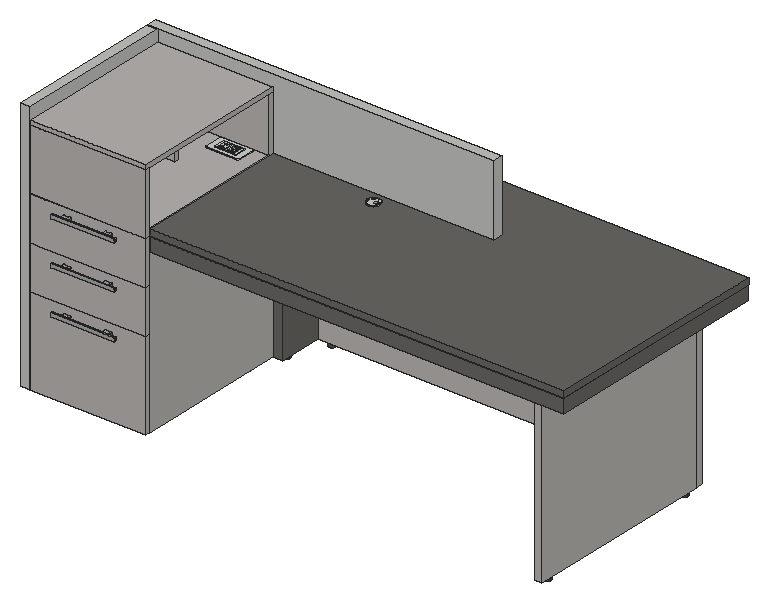
Revit family "Table-Teknion-CWRC_Reception_Classic_Desk-R2016", category Furniture, Revit 2018 (continued)
Lines and regions (in)
  symbolic lines, style "FurnitureHiddenLines", visible <- "Left", detail levels fine
    curve 152: line (-26.34118, 3.92955, 0) -> (-26.34118, 4.28305, 0)
    curve 153: line (-26.34118, 4.28305, 0) -> (-26.16976, 4.28305, 0)
    curve 154: line (-26.16976, 4.28305, 0) -> (-26.16976, 3.92955, 0)
    curve 155: line (-26.3616, 3.4864, 0) -> (-26.62534, 3.4864, 0)
    curve 156: line (-26.62534, 3.4864, 0) -> (-26.62534, 3.60468, 0)
    curve 157: arc (-26.62534, 3.60468, 0) -> (-26.49347, 3.73655, 0) -> (-26.3616, 3.60468, 0) r 0.13187
    curve 158: line (-26.3616, 3.60468, 0) -> (-26.3616, 3.4864, 0)
  symbolic lines, style "FurnitureHiddenLines", visible <- "Right", detail levels fine
    curve 10: line (22.51575, -16.81882, 0) -> (-41.22047, -16.81882, 0)
    curve 11: line (-41.70472, -17.30307, 0) -> (22.51575, -17.30307, 0)
    curve 12: line (-41.94094, -17.5393, 0) -> (22.51575, -17.5393, 0)
    curve 13: line (-41.94094, 18.34244, 0) -> (-41.94094, -17.5393, 0)
    curve 14: line (-41.70472, 18.10622, 0) -> (-41.70472, -17.30307, 0)
    curve 15: line (-41.22047, -16.81882, 0) -> (-41.22047, 17.62197, 0)
    curve 16: line (-41.22047, 17.62197, 0) -> (20.97638, 17.62197, 0)
    curve 17: line (20.97638, 18.10622, 0) -> (-41.70472, 18.10622, 0)
    curve 18: line (20.97638, 18.34244, 0) -> (-41.94094, 18.34244, 0)
    curve 31: line (39.73622, 4.40165, 0) -> (23.24016, 4.40165, 0)
    curve 32: line (23.24016, 3.67724, 0) -> (39.73622, 3.67724, 0)
    curve 33: line (39.73622, -2.14953, 0) -> (30.48622, -2.14953, 0)
    curve 34: line (30.48622, -2.67709, 0) -> (39.73622, -2.67709, 0)
    curve 35: line (30.48622, -2.14953, 0) -> (30.48622, -2.67709, 0)
    curve 36: line (30.48622, -2.67709, 0) -> (30.48622, -17.67709, 0)
    curve 91: arc (-37.98031, -15.04717, 0) -> (-37.48031, -14.54717, 0) -> (-36.98031, -15.04717, 0) r 0.5
    curve 92: arc (-36.98031, -15.04717, 0) -> (-37.48031, -15.54717, 0) -> (-37.98031, -15.04717, 0) r 0.5
    curve 93: arc (-37.98031, 11.59063, 0) -> (-37.48031, 12.09063, 0) -> (-36.98031, 11.59063, 0) r 0.5
    curve 94: arc (-36.98031, 11.59063, 0) -> (-37.48031, 11.09063, 0) -> (-37.98031, 11.59063, 0) r 0.5
    curve 95: arc (-36.72835, 13.88196, 0) -> (-36.22835, 14.38196, 0) -> (-35.72835, 13.88196, 0) r 0.5
    curve 96: arc (-35.72835, 13.88196, 0) -> (-36.22835, 13.38196, 0) -> (-36.72835, 13.88196, 0) r 0.5
    curve 97: arc (19.70472, 13.88196, 0) -> (19.20472, 13.38196, 0) -> (18.70472, 13.88196, 0) r 0.5
    curve 98: arc (18.70472, 13.88196, 0) -> (19.20472, 14.38196, 0) -> (19.70472, 13.88196, 0) r 0.5
    curve 99: arc (22.24606, 16.63, 0) -> (21.74606, 16.13, 0) -> (21.24606, 16.63, 0) r 0.5
    curve 100: arc (21.24606, 16.63, 0) -> (21.74606, 17.13, 0) -> (22.24606, 16.63, 0) r 0.5
    curve 101: arc (21.24606, 8.1733, 0) -> (21.74606, 8.6733, 0) -> (22.24606, 8.1733, 0) r 0.5
    curve 102: arc (22.24606, 8.1733, 0) -> (21.74606, 7.6733, 0) -> (21.24606, 8.1733, 0) r 0.5
    curve 103: arc (23.7874, 7.17133, 0) -> (24.2874, 7.67133, 0) -> (24.7874, 7.17133, 0) r 0.5
    curve 104: arc (24.7874, 7.17133, 0) -> (24.2874, 6.67133, 0) -> (23.7874, 7.17133, 0) r 0.5
    curve 105: arc (39.72835, 7.17133, 0) -> (40.22835, 7.67133, 0) -> (40.72835, 7.17133, 0) r 0.5
    curve 106: arc (40.72835, 7.17133, 0) -> (40.22835, 6.67133, 0) -> (39.72835, 7.17133, 0) r 0.5
    curve 107: arc (40.73031, 4.63, 0) -> (41.23031, 5.13, 0) -> (41.73031, 4.63, 0) r 0.5
    curve 108: arc (41.73031, 4.63, 0) -> (41.23031, 4.13, 0) -> (40.73031, 4.63, 0) r 0.5
    curve 109: arc (38.89173, 2.62921, 0) -> (39.39173, 3.12921, 0) -> (39.89173, 2.62921, 0) r 0.5
    curve 110: arc (39.89173, 2.62921, 0) -> (39.39173, 2.12921, 0) -> (38.89173, 2.62921, 0) r 0.5
    curve 111: arc (23.08465, 2.62921, 0) -> (23.58465, 3.12921, 0) -> (24.08465, 2.62921, 0) r 0.5
    curve 112: arc (24.08465, 2.62921, 0) -> (23.58465, 2.12921, 0) -> (23.08465, 2.62921, 0) r 0.5
    curve 113: arc (24.08465, -15.74796, 0) -> (23.58465, -16.24796, 0) -> (23.08465, -15.74796, 0) r 0.5
    curve 114: arc (23.08465, -15.74796, 0) -> (23.58465, -15.24796, 0) -> (24.08465, -15.74796, 0) r 0.5
    curve 115: arc (38.89173, -15.74796, 0) -> (39.39173, -15.24796, 0) -> (39.89173, -15.74796, 0) r 0.5
    curve 116: arc (39.89173, -15.74796, 0) -> (39.39173, -16.24796, 0) -> (38.89173, -15.74796, 0) r 0.5
    curve 117: arc (40.73031, -16.62985, 0) -> (41.23031, -16.12985, 0) -> (41.73031, -16.62985, 0) r 0.5
    curve 118: arc (41.73031, -16.62985, 0) -> (41.23031, -17.12985, 0) -> (40.73031, -16.62985, 0) r 0.5
    curve 163: line (24.9228, 2.40559, 0) -> (29.55173, 2.40559, 0)
    curve 164: arc (29.55173, 2.40559, 0) -> (29.72851, 2.47881, 0) -> (29.80173, 2.65559, 0) r 0.25
    curve 165: line (29.80173, 2.65559, 0) -> (29.80173, 5.15559, 0)
    curve 166: arc (29.80173, 5.15559, 0) -> (29.72851, 5.33236, 0) -> (29.55173, 5.40559, 0) r 0.25
    curve 167: line (29.55173, 5.40559, 0) -> (24.9228, 5.40559, 0)
    curve 168: arc (24.9228, 5.40559, 0) -> (24.74602, 5.33236, 0) -> (24.6728, 5.15559, 0) r 0.25
    curve 169: line (24.6728, 5.15559, 0) -> (24.6728, 2.65559, 0)
    curve 170: arc (24.6728, 2.65559, 0) -> (24.74602, 2.47881, 0) -> (24.9228, 2.40559, 0) r 0.25
    curve 171: line (25.6136, 3.0541, 0) -> (28.84695, 3.0541, 0)
    curve 172: line (28.84695, 3.0541, 0) -> (28.84695, 4.7747, 0)
    curve 173: line (28.84695, 4.7747, 0) -> (25.6136, 4.7747, 0)
    curve 174: line (25.6136, 4.7747, 0) -> (25.6136, 3.0541, 0)
    curve 175: line (25.95182, 3.37084, 0) -> (27.0353, 3.37084, 0)
    curve 176: line (27.0353, 3.37084, 0) -> (27.0353, 4.45297, 0)
    curve 177: line (27.0353, 4.45297, 0) -> (25.95182, 4.45297, 0)
    curve 178: line (25.95182, 4.45297, 0) -> (25.95182, 3.37084, 0)
    curve 179: line (26.68972, 4.07633, 0) -> (26.2974, 4.07633, 0)
    curve 180: line (26.2974, 4.07633, 0) -> (26.2974, 4.21912, 0)
    curve 181: line (26.2974, 4.21912, 0) -> (26.68972, 4.21912, 0)
    curve 182: line (26.68972, 4.21912, 0) -> (26.68972, 4.07633, 0)
    curve 183: line (26.2974, 3.74747, 0) -> (26.68972, 3.74747, 0)
    curve 184: line (26.68972, 3.74747, 0) -> (26.68972, 3.60468, 0)
    curve 185: line (26.68972, 3.60468, 0) -> (26.2974, 3.60468, 0)
    curve 186: line (26.2974, 3.60468, 0) -> (26.2974, 3.74747, 0)
    curve 187: line (27.43446, 4.45297, 0) -> (27.43446, 3.37084, 0)
    curve 188: line (27.43446, 3.37084, 0) -> (28.51794, 3.37084, 0)
    curve 189: line (28.51794, 3.37084, 0) -> (28.51794, 4.45297, 0)
    curve 190: line (28.51794, 4.45297, 0) -> (27.43446, 4.45297, 0)
    curve 191: line (28.13732, 3.92955, 0) -> (28.13732, 4.28305, 0)
    curve 192: line (28.13732, 4.28305, 0) -> (28.30875, 4.28305, 0)
    curve 193: line (28.30875, 4.28305, 0) -> (28.30875, 3.92955, 0)
    curve 194: line (28.30875, 3.92955, 0) -> (28.13732, 3.92955, 0)
    curve 195: line (27.80798, 4.3247, 0) -> (27.80798, 3.91177, 0)
    curve 196: line (27.80798, 3.91177, 0) -> (27.64001, 3.91177, 0)
    curve 197: line (27.64001, 3.91177, 0) -> (27.64001, 4.3247, 0)
    curve 198: line (27.64001, 4.3247, 0) -> (27.80798, 4.3247, 0)
    curve 199: arc (27.85316, 3.60468, 0) -> (27.98503, 3.73655, 0) -> (28.1169, 3.60468, 0) r 0.13187
    curve 200: line (28.1169, 3.60468, 0) -> (28.1169, 3.4864, 0)
    curve 201: line (28.1169, 3.4864, 0) -> (27.85316, 3.4864, 0)
    curve 202: line (27.85316, 3.4864, 0) -> (27.85316, 3.60468, 0)
  symbolic lines, style "FurnitureHiddenLines", visible <- "Left", detail levels medium+fine
    curve 19: line (-20.97638, 6.40165, 0) -> (-20.97638, 18.34244, 0)
    curve 21: line (-22.51575, -17.67709, 0) -> (-40.46063, -17.67709, 0)
    curve 23: line (-39.73622, -17.67709, 0) -> (-39.73622, 6.40165, 0)
    curve 24: line (-39.73622, 5.67724, 0) -> (-22.51575, 5.67724, 0)
    curve 28: line (-23.24016, 6.40165, 0) -> (-23.24016, -17.59835, 0)
    curve 40: line (-23.24016, -17.59835, 0) -> (-22.51575, -17.59835, 0)
    curve 41: line (-39.73622, -17.59835, 0) -> (-23.24016, -17.59835, 0)
    curve 42: line (-40.46063, -17.59835, 0) -> (-39.73622, -17.59835, 0)
    curve 47: line (-20.97638, 13.36228, 0) -> (38, 13.36228, 0)
    curve 48: line (38, 14.40165, 0) -> (-20.97638, 14.40165, 0)
    curve 49: line (38, 13.36228, 0) -> (38, 14.40165, 0)
    curve 50: line (38, -16.81882, 0) -> (38, 13.36228, 0)
    curve 51: line (36.96063, 13.36228, 0) -> (36.96063, -16.81882, 0)
    curve 59: line (41.22047, 0.91725, 0) -> (-22.51575, 0.91725, 0)
    curve 60: line (41.22047, -0.11425, 0) -> (-22.51575, -0.11425, 0)
    curve 61: line (-22.51575, 7.94102, 0) -> (-22.51575, 6.40165, 0)
    curve 211: arc (-5.258, 5.30292, 0) -> (-4.43104, 4.47596, 0) -> (-5.258, 3.64901, 0) r 0.82696
    curve 212: arc (-5.258, 3.64901, 0) -> (-6.08496, 4.47596, 0) -> (-5.258, 5.30292, 0) r 0.82696
    curve 213: arc (-5.258, 3.56469, 0) -> (-4.34673, 4.47596, 0) -> (-5.258, 5.38724, 0) r 0.91127
    curve 214: arc (-5.258, 5.38724, 0) -> (-6.16927, 4.47596, 0) -> (-5.258, 3.56469, 0) r 0.91127
    curve 222: line (36.96063, -16.81882, 0) -> (38, -16.81882, 0)
    curve 223: line (41.22047, -0.11425, 0) -> (41.22047, 0.91725, 0)
  symbolic lines, style "FurnitureHiddenLines", visible <- "Right", detail levels medium+fine
    curve 20: line (20.97638, 18.34244, 0) -> (20.97638, 6.40165, 0)
    curve 22: line (40.46063, -17.67709, 0) -> (22.51575, -17.67709, 0)
    curve 25: line (39.73622, 6.40165, 0) -> (39.73622, -17.67709, 0)
    curve 26: line (22.51575, 5.67724, 0) -> (39.73622, 5.67724, 0)
    curve 27: line (23.24016, -17.59835, 0) -> (23.24016, 6.40165, 0)
    curve 37: line (22.51575, -17.59835, 0) -> (23.24016, -17.59835, 0)
    curve 38: line (23.24016, -17.59835, 0) -> (39.73622, -17.59835, 0)
    curve 39: line (39.73622, -17.59835, 0) -> (40.46063, -17.59835, 0)
    curve 52: line (20.97638, 14.40165, 0) -> (-38, 14.40165, 0)
    curve 53: line (-38, 13.36228, 0) -> (20.97638, 13.36228, 0)
    curve 54: line (-38, 14.40165, 0) -> (-38, 13.36228, 0)
    curve 55: line (-36.96063, -16.81882, 0) -> (-36.96063, 13.36228, 0)
    curve 56: line (-38, 13.36228, 0) -> (-38, -16.81882, 0)
    curve 57: line (22.51575, 0.91725, 0) -> (-41.22047, 0.91725, 0)
    curve 58: line (22.51575, -0.11425, 0) -> (-41.22047, -0.11425, 0)
    curve 62: line (22.51575, 7.94102, 0) -> (22.51575, 6.40165, 0)
    curve 215: arc (5.258, 3.64901, 0) -> (4.43104, 4.47596, 0) -> (5.258, 5.30292, 0) r 0.82696
    curve 216: arc (5.258, 5.30292, 0) -> (6.08496, 4.47596, 0) -> (5.258, 3.64901, 0) r 0.82696
    curve 217: arc (5.258, 5.38724, 0) -> (4.34673, 4.47596, 0) -> (5.258, 3.56469, 0) r 0.91127
    curve 218: arc (5.258, 3.56469, 0) -> (6.16927, 4.47596, 0) -> (5.258, 5.38724, 0) r 0.91127
    curve 221: line (-41.22047, 0.91725, 0) -> (-41.22047, -0.11425, 0)
    curve 224: line (-38, -16.81882, 0) -> (-36.96063, -16.81882, 0)
  symbolic lines, style "Furniture", visible <- "Left"
    curve 159: arc (-4.24619, 4.49417, 0) -> (-5.258, 3.48236, 0) -> (-6.26981, 4.49417, 0) r 1.01181
    curve 160: arc (-6.26981, 4.49417, 0) -> (-5.258, 5.50598, 0) -> (-4.24619, 4.49417, 0) r 1.01181
  symbolic lines, style "Furniture", visible <- "Right"
    curve 161: arc (5.258, 3.48236, 0) -> (4.24619, 4.49417, 0) -> (5.258, 5.50598, 0) r 1.01181
    curve 162: arc (5.258, 5.50598, 0) -> (6.26981, 4.49417, 0) -> (5.258, 3.48236, 0) r 1.01181
  symbolic lines, visible <- "Left"
    curve 203: arc (-4.29291, 4.73039, 0) -> (-6.25158, 4.49417, 0) -> (-4.29291, 4.25795, 0) r 0.99358
    curve 204: line (-4.29291, 4.25795, 0) -> (-4.86318, 4.25795, 0)
    curve 205: arc (-4.86318, 4.25795, 0) -> (-5.0994, 4.49417, 0) -> (-4.86318, 4.73039, 0) r 0.23622
    curve 206: line (-4.86318, 4.73039, 0) -> (-4.27415, 4.73039, 0)
  symbolic lines, visible <- "Right"
    curve 207: arc (6.22309, 4.73039, 0) -> (4.26442, 4.49417, 0) -> (6.22309, 4.25795, 0) r 0.99358
    curve 208: line (6.22309, 4.25795, 0) -> (5.65282, 4.25795, 0)
    curve 209: arc (5.65282, 4.25795, 0) -> (5.4166, 4.49417, 0) -> (5.65282, 4.73039, 0) r 0.23622
    curve 210: line (5.65282, 4.73039, 0) -> (6.22309, 4.73039, 0)
  reference lines
    curve 219: line (42, 18.4015, 0) -> (42, -18.4015, 0)
    curve 220: line (-42, 18.4015, 0) -> (-42, -18.4015, 0)
Dimensions and locks (in)
  "Width": plane 4 "Left" to plane 5 "Right"
  "Depth": plane 6 "Back" to plane 7 "Front"
  plane 8 "Top" to level = 40"
  equal spacing: plane 4 "Left", plane 3 "Center Left/Right", plane 5 "Right"
  equal spacing: plane 6 "Back", plane 1 "Center Front/Back", plane 7 "Front"
  "Overhang Offset": plane 4 "Left" to plane 9
  "Overhang Offset": plane 10 to plane 5 "Right"
  "Screen Edge offset": plane 4 "Left" to plane 11
  "Screen Edge offset": plane 12 to plane 5 "Right"
  plane 14 to plane 15 to plane 13 to level = 1.03543", 27.465", 0.5" locked
  locked: plane 4 "Left" to Sweep 1 sketch curve at 1.53937
  locked: plane 7 "Front" to Sweep 1 sketch curve at 24.80315
  locked: Sweep 2 sketch curve to plane 5 "Right" at 1.53937
  locked: plane 7 "Front" to Sweep 2 sketch curve at 24.80315
  locked: plane 4 "Left" to Sweep 3 sketch curve at 19.48425
  plane 6 "Back" to Sweep 3 sketch curve to Sweep 3 sketch curve = 10.46048" locked, 1.53937" locked
  locked: Sweep 4 sketch curve to plane 5 "Right" at 19.48425
  plane 6 "Back" to Sweep 4 sketch curve to Sweep 4 sketch curve = 10.46048" locked, 1.53937" locked
  plane 4 "Left" to Sweep 5 sketch curve to Sweep 5 sketch curve = 19.48425" locked, 1.53937" locked
  locked: plane 6 "Back" to Sweep 5 sketch curve at 11.99985
  Sweep 6 sketch curve to Sweep 6 sketch curve to plane 5 "Right" = 1.53937" locked, 19.48425" locked
  locked: plane 6 "Back" to Sweep 6 sketch curve at 11.99985
  locked: plane 4 "Left" to Sweep 7 sketch curve at 19.48425
  plane 6 "Back" to Sweep 7 sketch curve to Sweep 7 sketch curve = 10.46048" locked, 1.53937" locked
  plane 6 "Back" to Sweep 8 sketch curve to Sweep 8 sketch curve = 10.46048" locked, 1.53937" locked
  locked: Sweep 8 sketch curve to plane 5 "Right" at 19.48425
  locked: plane 4 "Left" to Sweep 9 sketch curve at 19.48425
  locked: plane 7 "Front" to Sweep 9 sketch curve at 0.80315
  locked: plane 7 "Front" to Sweep 10 sketch curve at 0.80315
  locked: Sweep 10 sketch curve to plane 5 "Right" at 19.48425
  locked: plane 7 "Front" to Sweep 11 sketch curve at 0.80315
  locked: plane 4 "Left" to Sweep 11 sketch curve at 19.48425
  locked: plane 4 "Left" to Sweep 11 sketch curve at 21.02362
  Sweep 11 sketch curve to Sweep 11 sketch curve to Sweep 11 sketch curve to plane 7 "Front" = 0.48425" locked, 0.23622" locked, 0.8622" locked
  plane 15 to Sweep 11 sketch curve to Sweep 11 sketch curve = 0.11854" locked, 2.13189" locked
  locked: Sweep 12 sketch curve to plane 5 "Right" at 19.48425
  locked: Sweep 12 sketch curve to plane 5 "Right" at 21.02362
  locked: plane 7 "Front" to Sweep 12 sketch curve at 0.80315
  Sweep 12 sketch curve to Sweep 12 sketch curve to Sweep 12 sketch curve to plane 7 "Front" = 0.48425" locked, 0.23622" locked, 0.8622" locked
  plane 15 to Sweep 12 sketch curve to Sweep 12 sketch curve = 0.11854" locked, 2.13189" locked
  locked: plane 4 "Left" to Sweep 13 sketch curve at 21.02362
  plane 6 "Back" to Sweep 13 sketch curve to Sweep 13 sketch curve = 3.99985" locked, 1.03937" locked
  plane 6 "Back" to Sweep 14 sketch curve to Sweep 14 sketch curve = 3.99985" locked, 1.03937" locked
  locked: Sweep 14 sketch curve to plane 5 "Right" at 21.02362
  locked: Sweep 15 sketch curve to plane 10 at 1.03937
  locked: plane 6 "Back" to Sweep 15 sketch curve at 5.03922
  locked: plane 7 "Front" to Sweep 15 sketch curve at 1.58268
  locked: plane 9 to Sweep 16 sketch curve at 1.03937
  locked: plane 6 "Back" to Sweep 16 sketch curve at 5.03922
  locked: plane 7 "Front" to Sweep 16 sketch curve at 1.58268
  plane 4 "Left" to Sweep 17 sketch curve to Sweep 17 sketch curve to Sweep 17 sketch curve to Sweep 17 sketch curve = 1.53937" locked, 0.72441" locked, 16.49606" locked, 0.72441" locked
  locked: plane 6 "Back" to Sweep 17 sketch curve at 11.99985  (x2)
  locked: plane 7 "Front" to Sweep 17 sketch curve at 0.80315  (x2)
  Sweep 18 sketch curve to Sweep 18 sketch curve to Sweep 18 sketch curve to Sweep 18 sketch curve to plane 5 "Right" = 0.72441" locked, 16.49606" locked, 0.72441" locked, 1.53937" locked
  locked: plane 7 "Front" to Sweep 18 sketch curve at 0.80315  (x2)
  locked: plane 6 "Back" to Sweep 18 sketch curve at 11.99985  (x2)
  Sweep 19 sketch curve to plane 13 = 37.02559"
  locked: Sweep 20 sketch curve to plane 15 at 9.56059
  Sweep 20 sketch curve to Sweep 20 sketch curve to plane 5 "Right" = 0.72441" locked, 1.53937" locked
  locked: plane 6 "Back" to Sweep 20 sketch curve at 11.99985
  locked: plane 7 "Front" to Sweep 20 sketch curve at 0.72441
  locked: plane 6 "Back" to Sweep 21 sketch curve at 12.72426
  locked: plane 7 "Front" to Sweep 21 sketch curve at 0.72441
  plane 4 "Left" to Sweep 21 sketch curve to Sweep 21 sketch curve = 2.26378" locked, 17.22047" locked
  Sweep 22 sketch curve to Sweep 22 sketch curve to plane 5 "Right" = 17.22047" locked, 2.26378" locked
  locked: plane 6 "Back" to Sweep 22 sketch curve at 12.72426
  locked: plane 7 "Front" to Sweep 22 sketch curve at 0.72441
  locked: Sweep 23 sketch curve to level at 37.52559
  plane 6 "Back" to Sweep 23 sketch curve to Sweep 23 sketch curve = 11.99985" locked, 0.72441" locked
  plane 4 "Left" to Sweep 23 sketch curve to Sweep 23 sketch curve = 2.26378" locked, 17.22047" locked
  locked: Sweep 24 sketch curve to level at 37.52559
  Sweep 24 sketch curve to Sweep 24 sketch curve to plane 5 "Right" = 17.22047" locked, 2.26378" locked
  plane 6 "Back" to Sweep 24 sketch curve to Sweep 24 sketch curve = 11.99985" locked, 0.72441" locked
  Sweep 25 sketch curve to Sweep 25 sketch curve to level = 0.72441" locked, 37.52559" locked
  locked: plane 6 "Back" to Sweep 25 sketch curve at 11.99985
  plane 4 "Left" to Sweep 25 sketch curve to Sweep 25 sketch curve = 1.53937" locked, 17.94488" locked
  Sweep 26 sketch curve to Sweep 26 sketch curve to level = 0.72441" locked, 37.52559" locked
  locked: plane 6 "Back" to Sweep 26 sketch curve at 11.99985
  locked: Sweep 26 sketch curve to plane 5 "Right" at 1.53937
  locked: Sweep 26 sketch curve to plane 5 "Right" at 19.48425
  Sweep 27 sketch curve to Sweep 27 sketch curve to level = 8.52516" locked, 29.00043" locked
  plane 7 "Front" to Sweep 27 sketch curve to Sweep 27 sketch curve = 15.72441" locked, 0.52756" locked
  plane 4 "Left" to Sweep 27 sketch curve to Sweep 27 sketch curve = 2.26378" locked, 9.25" locked
  Sweep 28 sketch curve to Sweep 28 sketch curve to level = 8.52516" locked, 29.00043" locked
  Sweep 28 sketch curve to Sweep 28 sketch curve to plane 5 "Right" = 9.25" locked, 2.26378" locked
  plane 7 "Front" to Sweep 28 sketch curve to Sweep 28 sketch curve = 15.72441" locked, 0.52756" locked
  Sweep 29 sketch curve to Sweep 29 sketch curve to level = 0.52756" locked, 32.99923" locked
  plane 7 "Front" to Sweep 29 sketch curve to Sweep 29 sketch curve = 0.72441" locked, 15" locked
  plane 4 "Left" to Sweep 29 sketch curve to Sweep 29 sketch curve = 2.26378" locked, 9.25" locked
  Sweep 30 sketch curve to Sweep 30 sketch curve to level = 0.52756" locked, 32.99923" locked
  plane 7 "Front" to Sweep 30 sketch curve to Sweep 30 sketch curve = 0.72441" locked, 15" locked
  Sweep 30 sketch curve to Sweep 30 sketch curve to plane 5 "Right" = 9.25" locked, 2.26378" locked
  locked: plane 7 "Front" to Sweep 31 sketch curve at 0.72441
  Sweep 31 sketch curve to Sweep 31 sketch curve to Sweep 31 sketch curve to Sweep 31 sketch curve to Sweep 31 sketch curve to plane 13 = 6.78194" locked, 0.08987" locked, 6.78194" locked, 0.07874" locked, 13.65376" locked
  locked: Sweep 31 sketch curve to plane 15 at 9.56059
  Sweep 31 sketch curve to Sweep 31 sketch curve to Sweep 31 sketch curve to Sweep 31 sketch curve to Sweep 31 sketch curve to Sweep 31 sketch curve to Sweep 31 sketch curve to Sweep 31 sketch curve to plane 4 "Left" = 0" locked, 0" locked, 0" locked, 17.94488" locked, 0" locked, 0" locked, 0" locked, 1.53937" locked
  locked: plane 7 "Front" to Sweep 32 sketch curve at 0.72441
  Sweep 32 sketch curve to Sweep 32 sketch curve to Sweep 32 sketch curve to Sweep 32 sketch curve to Sweep 32 sketch curve to plane 13 = 6.78194" locked, 0.08987" locked, 6.78194" locked, 0.07874" locked, 13.65376" locked
  locked: Sweep 32 sketch curve to plane 15 at 9.56059
  Sweep 32 sketch curve to Sweep 32 sketch curve to Sweep 32 sketch curve to Sweep 32 sketch curve to Sweep 32 sketch curve to Sweep 32 sketch curve to Sweep 32 sketch curve to Sweep 32 sketch curve to plane 5 "Right" = 0" locked, 0" locked, 0" locked, 17.94488" locked, 0" locked, 0" locked, 0" locked, 1.53937" locked
  locked: plane 7 "Front" to Sweep 33 sketch curve at 0.72441
  Sweep 33 sketch curve to Sweep 33 sketch curve to Sweep 33 sketch curve to plane 13 = 13.65376" locked, 0.07874" locked, 13.65376" locked
  locked: Sweep 33 sketch curve to plane 15 at 9.56059
  Sweep 33 sketch curve to Sweep 33 sketch curve to Sweep 33 sketch curve to plane 4 "Left" = 0" locked, 0" locked, 1.53937" locked
  Sweep 33 sketch curve to Sweep 33 sketch curve to Sweep 33 sketch curve to plane 4 "Left" = 0" locked, 0" locked, 19.48425" locked
  locked: plane 7 "Front" to Sweep 34 sketch curve at 0.72441
  Sweep 34 sketch curve to Sweep 34 sketch curve to Sweep 34 sketch curve to plane 13 = 13.65376" locked, 0.07874" locked, 13.65376" locked
  locked: Sweep 34 sketch curve to plane 15 at 9.56059
  Sweep 34 sketch curve to Sweep 34 sketch curve to Sweep 34 sketch curve to Sweep 34 sketch curve to Sweep 34 sketch curve to Sweep 34 sketch curve to plane 5 "Right" = 0" locked, 0" locked, 17.94488" locked, 0" locked, 0" locked, 1.53937" locked
  plane 4 "Left" to Sweep 35 sketch curve to Sweep 35 sketch curve = 2.26378" locked, 16.49606" locked
  Sweep 35 sketch curve to Sweep 35 sketch curve to plane 7 "Front" = 0" locked, 0.80315" locked
  plane 6 "Back" to Sweep 35 sketch curve to Sweep 35 sketch curve = 13.99985" locked, 0.72441" locked
  Sweep 35 sketch curve to Sweep 35 sketch curve to plane 13 = 26.01618" locked, 0.72441" locked
  Sweep 36 sketch curve to Sweep 36 sketch curve to plane 5 "Right" = 16.49606" locked, 2.26378" locked
  Sweep 36 sketch curve to Sweep 36 sketch curve to plane 7 "Front" = 0" locked, 0.80315" locked
  plane 6 "Back" to Sweep 36 sketch curve to Sweep 36 sketch curve = 13.99985" locked, 0.72441" locked
  Sweep 36 sketch curve to Sweep 36 sketch curve to plane 13 = 26.01618" locked, 0.72441" locked
  locked: Sweep 37 sketch curve to plane 13 at 26.74059
  plane 4 "Left" to Sweep 37 sketch curve to Sweep 37 sketch curve = 2.26378" locked, 16.49606" locked
  plane 6 "Back" to Sweep 37 sketch curve to Sweep 37 sketch curve = 13.99985" locked, 0.72441" locked
  locked: Sweep 38 sketch curve to plane 13 at 26.74059
  Sweep 38 sketch curve to Sweep 38 sketch curve to plane 5 "Right" = 16.49606" locked, 2.26378" locked
  plane 6 "Back" to Sweep 38 sketch curve to Sweep 38 sketch curve = 13.99985" locked, 0.72441" locked
  plane 4 "Left" to Sweep 39 sketch curve to Sweep 39 sketch curve to Sweep 39 sketch curve to Sweep 39 sketch curve to Sweep 39 sketch curve to Sweep 39 sketch curve to Sweep 39 sketch curve to Sweep 39 sketch curve to Sweep 39 sketch curve to Sweep 39 sketch curve to Sweep 39 sketch curve = 0.76969" locked, 0" locked, 1.00197" locked, 0.83661" locked, 0" locked, 15.10433" locked, 0.70276" locked, 0" locked, 1.83858" locked, 0" locked, 2.54134" locked
  plane 6 "Back" to Sweep 39 sketch curve to Sweep 39 sketch curve to Sweep 39 sketch curve to Sweep 39 sketch curve to Sweep 39 sketch curve to Sweep 39 sketch curve to Sweep 39 sketch curve to Sweep 39 sketch curve to Sweep 39 sketch curve to Sweep 39 sketch curve = 1.7715" locked, 2.74803" locked, 0" locked, 2.29134" locked, 3.41732" locked, 1.00197" locked, 0" locked, 2.54134" locked, 2.00079" locked, 0" locked
  plane 7 "Front" to Sweep 39 sketch curve to Sweep 39 sketch curve to Sweep 39 sketch curve to Sweep 39 sketch curve = 1.77165" locked, 0.88189" locked, 0" locked, 0.70079" locked
  Sweep 39 sketch curve to Sweep 39 sketch curve to Sweep 39 sketch curve to plane 10 = 1.25197" locked, 0" locked, 0.51969" locked
  locked: Sweep 40 sketch curve to level at 0.5
  plane 5 "Right" to Sweep 40 sketch curve to Sweep 40 sketch curve to Sweep 40 sketch curve to Sweep 40 sketch curve to Sweep 40 sketch curve to Sweep 40 sketch curve to Sweep 40 sketch curve to Sweep 40 sketch curve to Sweep 40 sketch curve to Sweep 40 sketch curve to Sweep 40 sketch curve = 0.76969" locked, 0" locked, 1.00197" locked, 0.83661" locked, 0" locked, 15.10433" locked, 0.70276" locked, 0" locked, 1.83858" locked, 0" locked, 2.54134" locked
  plane 6 "Back" to Sweep 40 sketch curve to Sweep 40 sketch curve to Sweep 40 sketch curve to Sweep 40 sketch curve to Sweep 40 sketch curve to Sweep 40 sketch curve to Sweep 40 sketch curve to Sweep 40 sketch curve to Sweep 40 sketch curve to Sweep 40 sketch curve = 1.7715" locked, 2.74803" locked, 0" locked, 2.29134" locked, 3.41732" locked, 1.00197" locked, 0" locked, 2.54134" locked, 2.00079" locked, 0" locked
  plane 7 "Front" to Sweep 40 sketch curve to Sweep 40 sketch curve to Sweep 40 sketch curve to Sweep 40 sketch curve = 1.77165" locked, 0.88189" locked, 0" locked, 0.70079" locked
  Sweep 40 sketch curve to Sweep 40 sketch curve to Sweep 40 sketch curve to plane 9 = 1.25197" locked, 0" locked, 0.51969" locked
  Sweep 41 sketch curve to plane 1 "Center Front/Back" to Sweep 41 sketch curve = 0.11425" locked, 0.91725" locked
  Sweep 41 sketch curve to Sweep 41 sketch curve to level = 0" locked, 25.71457" locked
  Sweep 41 sketch curve to Sweep 41 sketch curve to plane 10 = 1.03937" locked, 0" locked
  locked: Sweep 41 sketch curve to plane 5 "Right" at 0.77953
  locked: Sweep 41 sketch curve to plane 4 "Left" at 19.48425
  Sweep 42 sketch curve to plane 1 "Center Front/Back" to Sweep 42 sketch curve = 0.91725" locked, 0.11425" locked
  locked: Sweep 42 sketch curve to plane 5 "Right" at 19.48425
  locked: Sweep 42 sketch curve to plane 4 "Left" at 0.77953
  Sweep 42 sketch curve to plane 9 to Sweep 42 sketch curve = 1.03937" locked, 0" locked
  Sweep 42 sketch curve to Sweep 42 sketch curve to level = 0" locked, 25.71457" locked
  locked: Sweep 43 sketch curve to plane 7 "Front" at 0.71441
  Sweep 43 sketch curve to Sweep 43 sketch curve to Sweep 43 sketch curve to Sweep 43 sketch curve to Sweep 43 sketch curve to Sweep 43 sketch curve to Sweep 43 sketch curve to Sweep 43 sketch curve to Sweep 43 sketch curve to Sweep 43 sketch curve to Sweep 43 sketch curve to Sweep 43 sketch curve to Sweep 43 sketch curve to Sweep 43 sketch curve to Sweep 43 sketch curve to Sweep 43 sketch curve to Sweep 43 sketch curve to Sweep 43 sketch curve to Sweep 43 sketch curve to Sweep 43 sketch curve to Sweep 43 sketch curve to Sweep 43 sketch curve to Sweep 43 sketch curve to Sweep 43 sketch curve to level = 0" locked, 0.14284" locked, 0" locked, 0" locked, 0" locked, 0.12319" locked, 0" locked, 0" locked, 0" locked, 0.14284" locked, 0" locked, 13.32364" locked, 0" locked, 0.14284" locked, 0" locked, 0" locked, 0" locked, 0.12319" locked, 0" locked, 0" locked, 0" locked, 0.14284" locked, 0" locked, 12.65012" locked
  Sweep 43 sketch curve to Sweep 43 sketch curve to Sweep 43 sketch curve to Sweep 43 sketch curve to Sweep 43 sketch curve to Sweep 43 sketch curve to Sweep 43 sketch curve to Sweep 43 sketch curve to Sweep 43 sketch curve to Sweep 43 sketch curve to Sweep 43 sketch curve to Sweep 43 sketch curve to Sweep 43 sketch curve to Sweep 43 sketch curve to Sweep 43 sketch curve to Sweep 43 sketch curve to Sweep 43 sketch curve to Sweep 43 sketch curve to Sweep 43 sketch curve to Sweep 43 sketch curve to Sweep 43 sketch curve to Sweep 43 sketch curve to Sweep 43 sketch curve to Sweep 43 sketch curve to plane 4 "Left" = 0" locked, 0.14284" locked, 0" locked, 0" locked, 0" locked, 0.7874" locked, 0" locked, 0" locked, 0" locked, 0.14284" locked, 0" locked, 5.38362" locked, 0" locked, 0.14284" locked, 0" locked, 0" locked, 0" locked, 0.7874" locked, 0" locked, 0" locked, 0" locked, 0.14284" locked, 0" locked, 6.74693" locked
  locked: Sweep 44 sketch curve to plane 7 "Front" at 0.71441
  Sweep 44 sketch curve to Sweep 44 sketch curve to Sweep 44 sketch curve to Sweep 44 sketch curve to Sweep 44 sketch curve to Sweep 44 sketch curve to Sweep 44 sketch curve to Sweep 44 sketch curve to Sweep 44 sketch curve to Sweep 44 sketch curve to Sweep 44 sketch curve to Sweep 44 sketch curve to Sweep 44 sketch curve to Sweep 44 sketch curve to Sweep 44 sketch curve to Sweep 44 sketch curve to Sweep 44 sketch curve to Sweep 44 sketch curve to Sweep 44 sketch curve to Sweep 44 sketch curve to Sweep 44 sketch curve to Sweep 44 sketch curve to Sweep 44 sketch curve to Sweep 44 sketch curve to level = 0" locked, 0.14284" locked, 0" locked, 0" locked, 0" locked, 0.12319" locked, 0" locked, 0" locked, 0" locked, 0.14284" locked, 0" locked, 13.32364" locked, 0" locked, 0.14284" locked, 0" locked, 0" locked, 0" locked, 0.12319" locked, 0" locked, 0" locked, 0" locked, 0.14284" locked, 0" locked, 12.65012" locked
  Sweep 44 sketch curve to Sweep 44 sketch curve to Sweep 44 sketch curve to Sweep 44 sketch curve to Sweep 44 sketch curve to Sweep 44 sketch curve to Sweep 44 sketch curve to Sweep 44 sketch curve to Sweep 44 sketch curve to Sweep 44 sketch curve to Sweep 44 sketch curve to Sweep 44 sketch curve to Sweep 44 sketch curve to Sweep 44 sketch curve to Sweep 44 sketch curve to Sweep 44 sketch curve to Sweep 44 sketch curve to Sweep 44 sketch curve to Sweep 44 sketch curve to Sweep 44 sketch curve to Sweep 44 sketch curve to Sweep 44 sketch curve to Sweep 44 sketch curve to Sweep 44 sketch curve to plane 5 "Right" = 0" locked, 0.14284" locked, 0" locked, 0" locked, 0" locked, 0.7874" locked, 0" locked, 0" locked, 0" locked, 0.14284" locked, 0" locked, 5.38362" locked, 0" locked, 0.14284" locked, 0" locked, 0" locked, 0" locked, 0.7874" locked, 0" locked, 0" locked, 0" locked, 0.14284" locked, 0" locked, 6.74693" locked
  locked: Sweep 45 sketch curve to plane 7 "Front" at 0.71441
  Sweep 45 sketch curve to Sweep 45 sketch curve to Sweep 45 sketch curve to Sweep 45 sketch curve to Sweep 45 sketch curve to Sweep 45 sketch curve to Sweep 45 sketch curve to Sweep 45 sketch curve to Sweep 45 sketch curve to Sweep 45 sketch curve to Sweep 45 sketch curve to Sweep 45 sketch curve to level = 0" locked, 0.14284" locked, 0" locked, 0" locked, 0" locked, 0.12319" locked, 0" locked, 0" locked, 0" locked, 0.14284" locked, 0" locked, 19.5108"
  Sweep 45 sketch curve to Sweep 45 sketch curve to Sweep 45 sketch curve to Sweep 45 sketch curve to Sweep 45 sketch curve to Sweep 45 sketch curve to Sweep 45 sketch curve to Sweep 45 sketch curve to Sweep 45 sketch curve to Sweep 45 sketch curve to Sweep 45 sketch curve to Sweep 45 sketch curve to plane 4 "Left" = 0.14284" locked, 0" locked, 0.7874" locked, 0" locked, 0.14284" locked, 5.38362" locked, 0.14284" locked, 0" locked, 0.7874" locked, 0" locked, 0.14284" locked, 6.74693" locked
  locked: Sweep 46 sketch curve to plane 7 "Front" at 0.71441
  Sweep 46 sketch curve to Sweep 46 sketch curve to Sweep 46 sketch curve to Sweep 46 sketch curve to Sweep 46 sketch curve to Sweep 46 sketch curve to Sweep 46 sketch curve to Sweep 46 sketch curve to Sweep 46 sketch curve to Sweep 46 sketch curve to Sweep 46 sketch curve to Sweep 46 sketch curve to level = 0" locked, 0.14284" locked, 0" locked, 0" locked, 0" locked, 0.12319" locked, 0" locked, 0" locked, 0" locked, 0.14284" locked, 0" locked, 19.5108" locked
  Sweep 46 sketch curve to Sweep 46 sketch curve to Sweep 46 sketch curve to Sweep 46 sketch curve to Sweep 46 sketch curve to Sweep 46 sketch curve to Sweep 46 sketch curve to Sweep 46 sketch curve to Sweep 46 sketch curve to Sweep 46 sketch curve to Sweep 46 sketch curve to Sweep 46 sketch curve to plane 5 "Right" = 0.14284" locked, 0" locked, 0.7874" locked, 0" locked, 0.14284" locked, 5.38362" locked, 0.14284" locked, 0" locked, 0.7874" locked, 0" locked, 0.14284" locked, 6.74693" locked
  Sweep 47 sketch curve to Sweep 47 sketch curve to plane 7 "Front" = 0.28952" locked, 0.71441" locked
  Sweep 47 sketch curve to Sweep 47 sketch curve to Sweep 47 sketch curve to Sweep 47 sketch curve to Sweep 47 sketch curve to Sweep 47 sketch curve to Sweep 47 sketch curve to Sweep 47 sketch curve to Sweep 47 sketch curve to Sweep 47 sketch curve to Sweep 47 sketch curve to Sweep 47 sketch curve to level = 0.1378" locked, 0" locked, 0.27559" locked, 0" locked, 0.1378" locked, 13.18132" locked, 0.1378" locked, 0" locked, 0.27559" locked, 0" locked, 0.1378" locked, 12.57896" locked
  Sweep 47 sketch curve to Sweep 47 sketch curve to Sweep 47 sketch curve to Sweep 47 sketch curve to Sweep 47 sketch curve to Sweep 47 sketch curve to Sweep 47 sketch curve to Sweep 47 sketch curve to Sweep 47 sketch curve to Sweep 47 sketch curve to Sweep 47 sketch curve to Sweep 47 sketch curve to Sweep 47 sketch curve to Sweep 47 sketch curve to plane 4 "Left" = 0" locked, 0" locked, 0.1378" locked, 0", 0", 0" locked, 0" locked, 9.72441" locked, 0" locked, 0" locked, 0" locked, 0.1378" locked, 0" locked, 5.51181" locked
  Sweep 48 sketch curve to Sweep 48 sketch curve to plane 7 "Front" = 0.28952" locked, 0.71441" locked
  Sweep 48 sketch curve to Sweep 48 sketch curve to Sweep 48 sketch curve to Sweep 48 sketch curve to Sweep 48 sketch curve to Sweep 48 sketch curve to level = 0.1378" locked, 0" locked, 0.27559" locked, 0" locked, 0.1378" locked, 19.43964" locked
  Sweep 48 sketch curve to Sweep 48 sketch curve to Sweep 48 sketch curve to Sweep 48 sketch curve to Sweep 48 sketch curve to Sweep 48 sketch curve to plane 4 "Left" = 0.1378" locked, 0" locked, 9.72441" locked, 0" locked, 0.1378" locked, 5.51181" locked
  Sweep 49 sketch curve to Sweep 49 sketch curve to plane 7 "Front" = 0.28952" locked, 0.71441" locked
  Sweep 49 sketch curve to Sweep 49 sketch curve to Sweep 49 sketch curve to Sweep 49 sketch curve to Sweep 49 sketch curve to Sweep 49 sketch curve to level = 0.1378" locked, 0" locked, 0.27559" locked, 0" locked, 0.1378" locked, 19.43964" locked
  plane 5 "Right" to Sweep 49 sketch curve to Sweep 49 sketch curve to Sweep 49 sketch curve to Sweep 49 sketch curve to Sweep 49 sketch curve to Sweep 49 sketch curve = 5.51181" locked, 0.1378" locked, 0" locked, 9.72441" locked, 0" locked, 0.1378" locked
  Sweep 50 sketch curve to Sweep 50 sketch curve to plane 7 "Front" = 0.28952" locked, 0.71441" locked
  Sweep 50 sketch curve to Sweep 50 sketch curve to Sweep 50 sketch curve to Sweep 50 sketch curve to Sweep 50 sketch curve to Sweep 50 sketch curve to Sweep 50 sketch curve to Sweep 50 sketch curve to Sweep 50 sketch curve to Sweep 50 sketch curve to Sweep 50 sketch curve to Sweep 50 sketch curve to level = 0.1378" locked, 0" locked, 0.27559" locked, 0" locked, 0.1378" locked, 13.18132" locked, 0.1378" locked, 0" locked, 0.27559" locked, 0" locked, 0.1378" locked, 12.57896" locked
  Sweep 50 sketch curve to Sweep 50 sketch curve to Sweep 50 sketch curve to Sweep 50 sketch curve to Sweep 50 sketch curve to Sweep 50 sketch curve to Sweep 50 sketch curve to Sweep 50 sketch curve to Sweep 50 sketch curve to Sweep 50 sketch curve to Sweep 50 sketch curve to Sweep 50 sketch curve to plane 5 "Right" = 0" locked, 0.1378" locked, 0" locked, 0" locked, 0" locked, 9.72441" locked, 0" locked, 0" locked, 0" locked, 0.1378" locked, 0" locked, 5.51181" locked
  plane 4 "Left" to Masking region 1 sketch curve to Masking region 1 sketch curve = 19.48425" locked, 0" locked
  locked: plane 7 "Front" to Masking region 1 sketch curve at 0.80315
  plane 6 "Back" to Masking region 1 sketch curve to Masking region 1 sketch curve = 10.46048" locked, 1.53937" locked
  locked: plane 7 "Front" to Masking region 2 sketch curve at 0.80315
  plane 6 "Back" to Masking region 2 sketch curve to Masking region 2 sketch curve = 10.46048" locked, 1.53937" locked
  Masking region 2 sketch curve to Masking region 2 sketch curve to plane 5 "Right" = 0" locked, 19.48425" locked
  plane 6 "Back" to Masking region 3 sketch curve to Masking region 3 sketch curve = 10.46048" locked, 1.53937" locked
  plane 6 "Back" to Masking region 4 sketch curve to Masking region 4 sketch curve = 10.46048" locked, 1.53937" locked
  locked: plane 6 "Back" to Masking region 5 sketch curve at 11.99985
  plane 4 "Left" to Masking region 5 sketch curve to Masking region 5 sketch curve = 1.53937" locked, 17.94488" locked
  Masking region 6 sketch curve to Masking region 6 sketch curve to plane 5 "Right" = 17.94488" locked, 1.53937" locked
  locked: plane 6 "Back" to Masking region 6 sketch curve at 11.99985
  Masking region 7 sketch curve to Masking region 7 sketch curve to plane 7 "Front" = 0" locked, 0.71441" locked
  plane 4 "Left" to Masking region 7 sketch curve to Masking region 7 sketch curve to Masking region 7 sketch curve to Masking region 7 sketch curve = 6.74693" locked, 1.07307" locked, 5.38362" locked, 1.07307" locked
  plane 4 "Left" to Masking region 8 sketch curve to Masking region 8 sketch curve = 5.51181" locked, 10" locked
  Masking region 8 sketch curve to Masking region 8 sketch curve to plane 7 "Front" = 0.28952" locked, 0.71441" locked
  Masking region 9 sketch curve to Masking region 9 sketch curve to plane 7 "Front" = 0" locked, 0.71441" locked
  Masking region 9 sketch curve to Masking region 9 sketch curve to Masking region 9 sketch curve to Masking region 9 sketch curve to plane 5 "Right" = 1.07307" locked, 5.38362" locked, 1.07307" locked, 6.74693" locked
  Masking region 10 sketch curve to Masking region 10 sketch curve to plane 7 "Front" = 0.28952" locked, 0.71441" locked
  Masking region 10 sketch curve to Masking region 10 sketch curve to plane 5 "Right" = 10" locked, 5.51181" locked
  locked: plane 4 "Left" to Masking region 11 sketch curve at 1.53937
  locked: plane 6 "Back" to Masking region 11 sketch curve at 11.99985
  locked: Masking region 12 sketch curve to plane 5 "Right" at 1.53937
  locked: plane 6 "Back" to Masking region 12 sketch curve at 11.99985
  plane 4 "Left" to Sweep 19 sketch curve to Sweep 19 sketch curve = 1.53937" locked, 0.72441" locked
  locked: plane 7 "Front" to Sweep 19 sketch curve at 0.72441
  locked: plane 6 "Back" to Sweep 19 sketch curve at 11.99985
  "Grommet Offset": plane 16 to plane 12
  "Grommet Offset": plane 11 to plane 17
  locked: profile plane to Sweep 51 sketch curve
  locked: profile plane to Sweep 51 sketch curve at 4.49417
  profile plane to Sweep 52 sketch curve = 0"
  locked: profile plane to Sweep 52 sketch curve at 4.49417
  locked: Sweep 53 sketch curve to plane 14 at 0.10662
  plane 4 "Left" to Sweep 53 sketch curve to Sweep 53 sketch curve to Sweep 53 sketch curve to Sweep 53 sketch curve to Sweep 53 sketch curve to Sweep 53 sketch curve = 12.19429" locked, 0.25" locked, 0" locked, 4.62894" locked, 0" locked, 0.25" locked
  plane 1 "Center Front/Back" to Sweep 53 sketch curve to Sweep 53 sketch curve to Sweep 53 sketch curve to Sweep 53 sketch curve to Sweep 53 sketch curve to Sweep 53 sketch curve = 2.40559" locked, 0.25" locked, 0" locked, 2.5" locked, 0" locked, 0.25" locked
  Sweep 54 sketch curve to Sweep 54 sketch curve to plane 14 = 0.06122" locked, 0.10662" locked
  plane 4 "Left" to Sweep 54 sketch curve to Sweep 54 sketch curve = 13.1351" locked, 3.23335" locked
  plane 1 "Center Front/Back" to Sweep 54 sketch curve to Sweep 54 sketch curve = 3.0541" locked, 1.72061" locked
  Sweep 55 sketch curve to Sweep 55 sketch curve to plane 14 = 0.05405" locked, 0.16784" locked
  plane 4 "Left" to Sweep 55 sketch curve to Sweep 55 sketch curve to Sweep 55 sketch curve to Sweep 55 sketch curve to Sweep 55 sketch curve to Sweep 55 sketch curve to Sweep 55 sketch curve to Sweep 55 sketch curve to Sweep 55 sketch curve to Sweep 55 sketch curve to Sweep 55 sketch curve to Sweep 55 sketch curve to Sweep 55 sketch curve to Sweep 55 sketch curve = 13.47331" locked, 0.34558" locked, 0" locked, 0.39231" locked, 0" locked, 0.34558" locked, 0.39916" locked, 0.20555" locked, 0.16797" locked, 0.04518" locked, 0.26374" locked, 0.02042" locked, 0.17143" locked, 0.20919" locked
  plane 1 "Center Front/Back" to Sweep 55 sketch curve to Sweep 55 sketch curve to Sweep 55 sketch curve to Sweep 55 sketch curve to Sweep 55 sketch curve to Sweep 55 sketch curve to Sweep 55 sketch curve to Sweep 55 sketch curve to Sweep 55 sketch curve to Sweep 55 sketch curve to Sweep 55 sketch curve to Sweep 55 sketch curve to Sweep 55 sketch curve to Sweep 55 sketch curve = 3.37084" locked, 0" locked, 0.11556" locked, 0.11829" locked, 0" locked, 0" locked, 0.30708" locked, 0.01778" locked, 0.14679" locked, 0.14279" locked, 0.06393" locked, 0.04165" locked, 0.12827" locked, 0" locked
  locked: Sweep 56 sketch curve to plane 14 at 0.10662
  Sweep 56 sketch curve to Sweep 56 sketch curve to Sweep 56 sketch curve to Sweep 56 sketch curve to Sweep 56 sketch curve to Sweep 56 sketch curve to plane 5 "Right" = 0.25" locked, 0" locked, 4.62894" locked, 0" locked, 0.25" locked, 12.19827" locked
  plane 1 "Center Front/Back" to Sweep 56 sketch curve to Sweep 56 sketch curve to Sweep 56 sketch curve to Sweep 56 sketch curve to Sweep 56 sketch curve to Sweep 56 sketch curve = 2.40559" locked, 0.25" locked, 0" locked, 2.5" locked, 0" locked, 0.25" locked
  Sweep 57 sketch curve to Sweep 57 sketch curve to plane 14 = 0.06122" locked, 0.10662" locked
  Sweep 57 sketch curve to Sweep 57 sketch curve to plane 5 "Right" = 3.23335" locked, 13.15305" locked
  plane 1 "Center Front/Back" to Sweep 57 sketch curve to Sweep 57 sketch curve = 3.0541" locked, 1.72061" locked
  Sweep 58 sketch curve to Sweep 58 sketch curve to plane 14 = 0.05405" locked, 0.16784" locked
  Sweep 58 sketch curve to Sweep 58 sketch curve to Sweep 58 sketch curve to Sweep 58 sketch curve to Sweep 58 sketch curve to Sweep 58 sketch curve to Sweep 58 sketch curve to Sweep 58 sketch curve to Sweep 58 sketch curve to Sweep 58 sketch curve to Sweep 58 sketch curve to Sweep 58 sketch curve to Sweep 58 sketch curve to Sweep 58 sketch curve to plane 5 "Right" = 0.34558" locked, 0" locked, 0.39231" locked, 0" locked, 0.34558" locked, 0.39916" locked, 0.20555" locked, 0.16797" locked, 0.04518" locked, 0.26374" locked, 0.02042" locked, 0.17143" locked, 0.20919" locked, 13.48206" locked
  plane 1 "Center Front/Back" to Sweep 58 sketch curve to Sweep 58 sketch curve to Sweep 58 sketch curve to Sweep 58 sketch curve to Sweep 58 sketch curve to Sweep 58 sketch curve to Sweep 58 sketch curve to Sweep 58 sketch curve to Sweep 58 sketch curve to Sweep 58 sketch curve to Sweep 58 sketch curve to Sweep 58 sketch curve to Sweep 58 sketch curve to Sweep 58 sketch curve to Sweep 58 sketch curve = 3.37084" locked, 0" locked, 0.11556" locked, 0.11829" locked, 0" locked, 0" locked, 0.14279" locked, 0.16429" locked, 0.01778" locked, 0.14679" locked, 0.14279" locked, 0.06393" locked, 0.04165" locked, 0.12827" locked, 0" locked
  locked: Sweep 59 sketch curve to plane 14 at 0.07874
  plane 16 to curve 160 to Sweep 59 sketch curve to Sweep 59 sketch curve = 0" locked, 0.39482" locked, 0" locked
  plane 1 "Center Front/Back" to Sweep 59 sketch curve to Sweep 59 sketch curve to Sweep 59 sketch curve = 4.25795" locked, 0.23622" locked, 0.23622" locked
  locked: Sweep 60 sketch curve to plane 14 at 0.07874
  plane 17 to curve 161 to Sweep 60 sketch curve to Sweep 60 sketch curve = 0" locked, 0.39482" locked, 0" locked
  plane 1 "Center Front/Back" to Sweep 60 sketch curve to Sweep 60 sketch curve to Sweep 60 sketch curve = 4.25795" locked, 0.23622" locked, 0.23622" locked
  locked: plane 14 to Sweep 61 sketch curve at 0.74803
  plane 16 to Sweep 61 sketch curve to Sweep 61 sketch curve = 0" locked, 0" locked
  plane 1 "Center Front/Back" to Sweep 61 sketch curve to Sweep 61 sketch curve = 4.47596" locked, 0" locked
  locked: plane 14 to Sweep 62 sketch curve at 0.74803
  plane 17 to Sweep 62 sketch curve to Sweep 62 sketch curve = 0" locked, 0" locked
  plane 1 "Center Front/Back" to Sweep 62 sketch curve to Sweep 62 sketch curve = 4.47596" locked, 0" locked
  aligned and locked: level to plane 2
  aligned and locked: plane 8 "Top" to Sweep 1 sketch curve
  aligned and locked: plane 3 "Center Left/Right" to Sweep 1 sketch curve
  aligned and locked: plane 13 to Sweep 1 sketch curve
  aligned and locked: Sweep 1 sketch curve to plane 4 "Left"
  aligned and locked: Sweep 1 sketch curve to plane 7 "Front"
  aligned and locked: plane 3 "Center Left/Right" to Sweep 2 sketch curve
  aligned and locked: plane 13 to Sweep 2 sketch curve
  aligned and locked: plane 8 "Top" to Sweep 2 sketch curve
  aligned and locked: Sweep 2 sketch curve to plane 5 "Right"
  aligned and locked: plane 7 "Front" to Sweep 2 sketch curve
  aligned and locked: plane 8 "Top" to Sweep 3 sketch curve
  aligned and locked: plane 13 to Sweep 3 sketch curve
  aligned and locked: plane 3 "Center Left/Right" to Sweep 3 sketch curve
  aligned and locked: plane 4 "Left" to Sweep 3 sketch curve
  aligned and locked: plane 8 "Top" to Sweep 4 sketch curve
  aligned and locked: plane 3 "Center Left/Right" to Sweep 4 sketch curve
  aligned and locked: plane 13 to Sweep 4 sketch curve
  aligned and locked: Sweep 4 sketch curve to plane 5 "Right"
  aligned and locked: plane 3 "Center Left/Right" to Sweep 5 sketch curve
  aligned and locked: plane 15 to Sweep 5 sketch curve
  aligned and locked: plane 13 to Sweep 5 sketch curve
  aligned and locked: Sweep 5 sketch curve to plane 6 "Back"
  aligned and locked: plane 15 to Sweep 6 sketch curve
  aligned and locked: plane 3 "Center Left/Right" to Sweep 6 sketch curve
  aligned and locked: plane 13 to Sweep 6 sketch curve
  aligned and locked: plane 6 "Back" to Sweep 6 sketch curve
  aligned and locked: plane 8 "Top" to Sweep 7 sketch curve
  aligned and locked: plane 3 "Center Left/Right" to Sweep 7 sketch curve
  aligned and locked: plane 14 to Sweep 7 sketch curve
  aligned and locked: Sweep 7 sketch curve to plane 12
  aligned and locked: plane 8 "Top" to Sweep 8 sketch curve
  aligned and locked: plane 14 to Sweep 8 sketch curve
  aligned and locked: plane 3 "Center Left/Right" to Sweep 8 sketch curve
  aligned and locked: Sweep 8 sketch curve to plane 11
  aligned and locked: plane 3 "Center Left/Right" to Sweep 9 sketch curve
  aligned and locked: plane 14 to Sweep 9 sketch curve
  aligned and locked: plane 15 to Sweep 9 sketch curve
  aligned and locked: Sweep 9 sketch curve to plane 6 "Back"
  aligned and locked: Sweep 9 sketch curve to plane 5 "Right"
  aligned and locked: plane 14 to Sweep 10 sketch curve
  aligned and locked: plane 3 "Center Left/Right" to Sweep 10 sketch curve
  aligned and locked: plane 15 to Sweep 10 sketch curve
  aligned and locked: plane 6 "Back" to Sweep 10 sketch curve
  aligned and locked: Sweep 10 sketch curve to plane 4 "Left"
  aligned and locked: plane 6 "Back" to Sweep 11 sketch curve
  aligned and locked: Sweep 11 sketch curve to plane 5 "Right"
  aligned and locked: Sweep 12 sketch curve to plane 6 "Back"
  aligned and locked: plane 4 "Left" to Sweep 12 sketch curve
  aligned and locked: plane 15 to Sweep 12 sketch curve
  aligned and locked: plane 15 to Sweep 13 sketch curve
  aligned and locked: plane 3 "Center Left/Right" to Sweep 13 sketch curve
  aligned and locked: plane 13 to Sweep 13 sketch curve
  aligned and locked: Sweep 13 sketch curve to plane 10
  aligned and locked: plane 15 to Sweep 14 sketch curve
  aligned and locked: plane 3 "Center Left/Right" to Sweep 14 sketch curve
  aligned and locked: plane 13 to Sweep 14 sketch curve
  aligned and locked: Sweep 14 sketch curve to plane 9
  aligned and locked: plane 15 to Sweep 15 sketch curve
  aligned and locked: plane 3 "Center Left/Right" to Sweep 15 sketch curve
  aligned and locked: plane 13 to Sweep 15 sketch curve
  aligned and locked: Sweep 15 sketch curve to plane 10
  aligned and locked: plane 3 "Center Left/Right" to Sweep 16 sketch curve
  aligned and locked: plane 15 to Sweep 16 sketch curve
  aligned and locked: plane 13 to Sweep 16 sketch curve
  aligned and locked: plane 3 "Center Left/Right" to Sweep 17 sketch curve
  aligned and locked: plane 15 to Sweep 17 sketch curve
  aligned and locked: plane 13 to Sweep 17 sketch curve
  aligned and locked: plane 15 to Sweep 18 sketch curve
  aligned and locked: plane 3 "Center Left/Right" to Sweep 18 sketch curve
  aligned and locked: plane 13 to Sweep 18 sketch curve
  aligned and locked: plane 3 "Center Left/Right" to Sweep 19 sketch curve
  aligned and locked: plane 15 to Sweep 19 sketch curve
  aligned and locked: plane 15 to Sweep 20 sketch curve
  aligned and locked: plane 3 "Center Left/Right" to Sweep 20 sketch curve
  aligned and locked: plane 14 to Sweep 21 sketch curve
  aligned and locked: plane 3 "Center Left/Right" to Sweep 21 sketch curve
  aligned and locked: plane 15 to Sweep 21 sketch curve
  aligned and locked: plane 14 to Sweep 22 sketch curve
  aligned and locked: plane 15 to Sweep 22 sketch curve
  aligned and locked: plane 3 "Center Left/Right" to Sweep 22 sketch curve
  aligned and locked: plane 15 to Sweep 23 sketch curve
  aligned and locked: plane 3 "Center Left/Right" to Sweep 23 sketch curve
  aligned and locked: plane 15 to Sweep 24 sketch curve
  aligned and locked: plane 3 "Center Left/Right" to Sweep 24 sketch curve
  aligned and locked: plane 3 "Center Left/Right" to Sweep 25 sketch curve
  aligned and locked: Sweep 25 sketch curve to plane 7 "Front"
  aligned and locked: plane 3 "Center Left/Right" to Sweep 26 sketch curve
  aligned and locked: plane 7 "Front" to Sweep 26 sketch curve
  aligned and locked: plane 3 "Center Left/Right" to Sweep 27 sketch curve
  aligned and locked: plane 3 "Center Left/Right" to Sweep 28 sketch curve
  aligned and locked: plane 3 "Center Left/Right" to Sweep 29 sketch curve
  aligned and locked: Sweep 30 sketch curve to plane 3 "Center Left/Right"
  aligned and locked: plane 7 "Front" to Sweep 31 sketch curve
  aligned and locked: Sweep 31 sketch curve to plane 3 "Center Left/Right"
  aligned and locked: Sweep 31 sketch curve to plane 13
  aligned and locked: plane 15 to Sweep 31 sketch curve
  aligned and locked: Sweep 32 sketch curve to plane 3 "Center Left/Right"
  aligned and locked: plane 7 "Front" to Sweep 32 sketch curve
  aligned and locked: plane 13 to Sweep 32 sketch curve
  aligned and locked: plane 15 to Sweep 32 sketch curve
  aligned and locked: Sweep 33 sketch curve to plane 3 "Center Left/Right"
  aligned and locked: plane 7 "Front" to Sweep 33 sketch curve
  aligned and locked: Sweep 33 sketch curve to plane 15
  aligned and locked: plane 13 to Sweep 33 sketch curve
  aligned and locked: Sweep 34 sketch curve to plane 3 "Center Left/Right"
  aligned and locked: plane 7 "Front" to Sweep 34 sketch curve
  aligned and locked: plane 13 to Sweep 34 sketch curve
  aligned and locked: plane 15 to Sweep 34 sketch curve
  aligned and locked: Sweep 35 sketch curve to plane 1 "Center Front/Back"
  aligned and locked: plane 15 to Sweep 35 sketch curve
  aligned and locked: plane 13 to Sweep 35 sketch curve
  aligned and locked: plane 1 "Center Front/Back" to Sweep 36 sketch curve
  aligned and locked: Sweep 36 sketch curve to plane 13
  aligned and locked: plane 15 to Sweep 36 sketch curve
  aligned and locked: plane 13 to Sweep 37 sketch curve
  aligned and locked: plane 3 "Center Left/Right" to Sweep 37 sketch curve
  aligned and locked: plane 3 "Center Left/Right" to Sweep 38 sketch curve
  aligned and locked: plane 13 to Sweep 38 sketch curve
  aligned and locked: plane 13 to Sweep 39 sketch curve
  aligned and locked: level to Sweep 39 sketch curve
  aligned and locked: plane 3 "Center Left/Right" to Sweep 39 sketch curve
  aligned and locked: plane 3 "Center Left/Right" to Sweep 40 sketch curve
  aligned and locked: level to Sweep 40 sketch curve
  aligned and locked: plane 3 "Center Left/Right" to Sweep 41 sketch curve
  aligned and locked: Sweep 41 sketch curve to plane 15  (x2)
  aligned and locked: plane 3 "Center Left/Right" to Sweep 42 sketch curve
  aligned and locked: Sweep 42 sketch curve to plane 15  (x2)
  aligned and locked: plane 7 "Front" to Sweep 43 sketch curve
  aligned and locked: Sweep 43 sketch curve to plane 3 "Center Left/Right"
  aligned and locked: Sweep 44 sketch curve to plane 3 "Center Left/Right"
  aligned and locked: plane 7 "Front" to Sweep 44 sketch curve
  aligned and locked: plane 7 "Front" to Sweep 45 sketch curve
  aligned and locked: Sweep 45 sketch curve to plane 3 "Center Left/Right"
  aligned and locked: Sweep 46 sketch curve to plane 3 "Center Left/Right"
  aligned and locked: plane 7 "Front" to Sweep 46 sketch curve
  aligned and locked: Sweep 47 sketch curve to plane 3 "Center Left/Right"
  aligned and locked: plane 3 "Center Left/Right" to Sweep 48 sketch curve
  aligned and locked: Sweep 49 sketch curve to plane 3 "Center Left/Right"
  aligned and locked: plane 3 "Center Left/Right" to Sweep 50 sketch curve
  aligned and locked: plane 12 to Masking region 1 sketch curve
  aligned and locked: Masking region 1 sketch curve to plane 6 "Back"
  aligned and locked: Masking region 1 sketch curve to plane 5 "Right"
  aligned and locked: Masking region 2 sketch curve to plane 6 "Back"
  aligned and locked: plane 4 "Left" to Masking region 2 sketch curve
  aligned and locked: plane 11 to Masking region 2 sketch curve
  aligned and locked: Masking region 3 sketch curve to plane 4 "Left"
  aligned and locked: plane 12 to Masking region 3 sketch curve
  aligned and locked: plane 5 "Right" to Masking region 4 sketch curve
  aligned and locked: plane 11 to Masking region 4 sketch curve
  aligned and locked: Masking region 5 sketch curve to plane 7 "Front"
  aligned and locked: Masking region 6 sketch curve to plane 7 "Front"
  aligned and locked: plane 7 "Front" to Masking region 7 sketch curve  (x2)
  aligned and locked: plane 7 "Front" to Masking region 9 sketch curve  (x2)
  aligned and locked: Masking region 11 sketch curve to plane 4 "Left"
  aligned and locked: Masking region 11 sketch curve to plane 7 "Front"
  aligned and locked: Masking region 12 sketch curve to plane 7 "Front"
  aligned and locked: plane 5 "Right" to Masking region 12 sketch curve
  aligned and locked: curve 1 to Sweep 11
  aligned and locked: curve 2 to Sweep 11
  aligned and locked: Sweep 11 to curve 3
  aligned and locked: curve 4 to Sweep 11
  aligned and locked: curve 5 to Sweep 11
  aligned and locked: curve 6 to Sweep 11
  aligned and locked: curve 7 to Sweep 11
  aligned and locked: curve 8 to Sweep 11
  aligned and locked: Sweep 11 to curve 9
  aligned and locked: Sweep 12 to curve 10
  aligned and locked: curve 11 to Sweep 12
  aligned and locked: curve 12 to Sweep 12
  aligned and locked: curve 13 to Sweep 12
  aligned and locked: curve 14 to Sweep 12
  aligned and locked: curve 15 to Sweep 12
  aligned and locked: curve 16 to Sweep 12
  aligned and locked: curve 17 to Sweep 12
  aligned and locked: curve 18 to Sweep 12
  aligned and locked: curve 19 to Sweep 5
  aligned and locked: Sweep 6 to curve 20
  aligned and locked: curve 21 to Sweep 33
  aligned and locked: curve 22 to Sweep 34
  aligned and locked: curve 25 to Sweep 20
  aligned and locked: curve 26 to Sweep 24
  aligned and locked: curve 27 to Sweep 18
  aligned and locked: curve 28 to Sweep 17
  aligned and locked: curve 29 to Sweep 35
  aligned and locked: Sweep 37 to curve 30
  aligned and locked: curve 31 to Sweep 36
  aligned and locked: curve 32 to Sweep 38
  aligned and locked: curve 33 to Sweep 28
  aligned and locked: curve 34 to Sweep 28
  aligned and locked: curve 35 to Sweep 28
  aligned and locked: curve 36 to Sweep 30
  aligned and locked: curve 37 to Sweep 18
  aligned and locked: curve 38 to Sweep 36
  aligned and locked: curve 39 to Sweep 18
  aligned and locked: curve 40 to Sweep 17
  aligned and locked: Sweep 35 to curve 41
  aligned and locked: curve 42 to Sweep 17
  aligned and locked: curve 43 to Sweep 29
  aligned and locked: curve 44 to Sweep 27
  aligned and locked: Sweep 27 to curve 45
  aligned and locked: curve 46 to Sweep 27
  aligned and locked: curve 47 to Sweep 13
  aligned and locked: curve 48 to Sweep 13
  aligned and locked: curve 49 to Sweep 13
  aligned and locked: curve 50 to Sweep 15
  aligned and locked: curve 51 to Sweep 15
  aligned and locked: curve 52 to Sweep 14
  aligned and locked: curve 53 to Sweep 14
  aligned and locked: curve 54 to Sweep 14
  aligned and locked: curve 55 to Sweep 16
  aligned and locked: curve 56 to Sweep 16
  aligned and locked: Sweep 42 to curve 57
  aligned and locked: Sweep 42 to curve 58
  aligned and locked: curve 59 to Sweep 41
  aligned and locked: curve 60 to Sweep 41
  aligned and locked: Sweep 25 to curve 21
  aligned and locked: Sweep 25 to curve 40
  aligned and locked: Sweep 25 to curve 3
  aligned and locked: Sweep 25 to curve 9
  aligned and locked: Sweep 25 to curve 8
  aligned and locked: Sweep 26 to curve 22
  aligned and locked: Sweep 26 to curve 37
  aligned and locked: Sweep 26 to curve 12
  aligned and locked: Sweep 26 to curve 11
  aligned and locked: Sweep 26 to curve 10
  aligned and locked: curve 23 to Sweep 19
  aligned and locked: Sweep 25 to curve 59
  aligned and locked: Sweep 25 to curve 60
  aligned and locked: Sweep 26 to curve 57
  aligned and locked: Sweep 26 to curve 58
  aligned and locked: curve 61 to Sweep 25
  aligned and locked: cut or joined group of Sweep 3, Sweep 7 to curve 61
  aligned and locked: curve 61 to Sweep 5
  aligned and locked: curve 62 to Sweep 26
